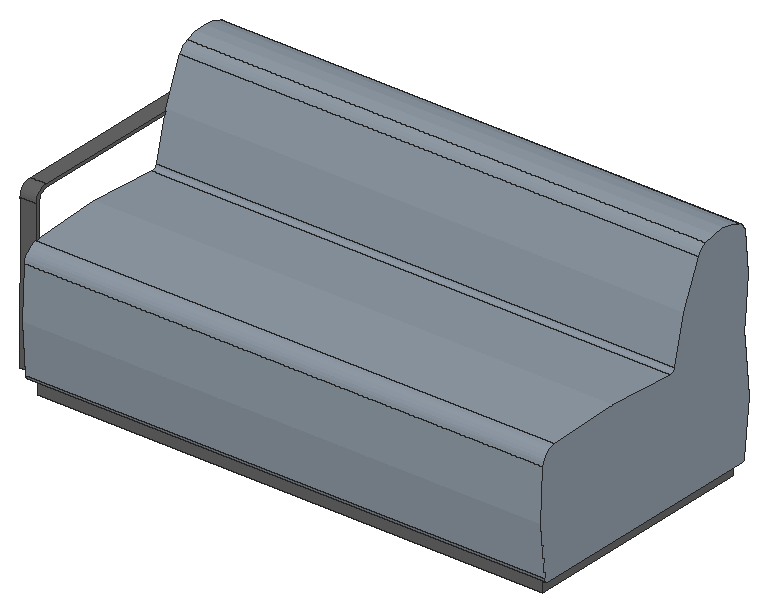
Revit family "FU_Modular_Sandler_Pau 1310TA", category Furniture, Revit 2022
Family settings
  OmniClass Number = 23.40.20.00
  OmniClass Title = General Furniture and Specialties
  Work Plane-Based = No
  Always vertical = Yes
  Cut with Voids When Loaded = No
  Render Appearance Source = Family Geometry
  Shared = No
  Room Calculation Point = No
Parameters (values of type "PAU 1310TA")
  Width = 1650 mm
  URL = "https://www.sandlerseating.com/product/pau1310/"
  Seat [instance] = Fabric - Gravity - Frozen CPC27
  Model = "PAU1310TA"
  Manufacturer = "Sandler"
  Height = 720 mm
  Description = "Upholstered modular seat with backrest and right steel armrest. Width 165cm / 65\"."
  Depth = 800 mm
  Default Elevation = 0 mm
  Base [instance] = Lacquer - W1 - B00 Black
Reference planes
  plane 1 "Center (Front/Back)": y = 0
  plane 2: z = 0
  plane 3 "Center (Left/Right)": x = 0
  plane 4 "Seat Right": x = -800
  plane 5 "Left": x = 800
  plane 6 "Back": y = 400
  plane 7 "Front": y = -400
  plane 8 "Height": z = 720
  plane 9 "Seat height": z = 420
  plane 10 "Base Right": x = -779
  plane 11 "Base Back": y = 366.687
  plane 12 "Base Left": x = 779
  plane 13 "Base Front": y = -366.901
  plane 14 "Base Top": z = 40
  plane 15 "Right": x = -850
Forms (mm)
  Extrusion 1, solid, material "Lacquer - W1 - B00 Black" <- "Base"
    sketch origin (0, 0, 0) x (1, 0, 0) y (0, 1, 0)
      loop
        line (-779, 366.687) -> (-779, -366.901) -> (779, -366.901) -> (779, 366.687) -> (-779, 366.687)
    from 0 to 40
  Extrusion 2, solid, material "Fabric - Gravity - Frozen CPC27" <- "Seat"
    sketch origin (0, 0, 0) x (0, 1, 0) y (0, 0, 1)
      loop
        arc (-347.109, 408.238) -> (-376.551, 394.157) -> (-391.033, 364.911) r 50
        arc (-391.033, 364.911) -> (-399.905, 208.642) -> (-386.679, 52.681) r 1108.576
        arc (-386.679, 52.681) -> (-381.612, 43.603) -> (-371.859, 40) r 15
        line (-371.859, 40) -> (374.029, 40)
        arc (374.029, 40) -> (380.395, 42.288) -> (383.848, 48.104) r 10
        arc (383.848, 48.104) -> (399.882, 210.98) -> (385.633, 374.022) r 884.51
        arc (385.633, 374.022) -> (383.344, 399.87) -> (385.795, 425.704) r 142.036
        arc (385.795, 425.704) -> (397.5, 553.207) -> (385.031, 680.637) r 678.162
        arc (385.031, 680.637) -> (378.627, 694.761) -> (366.547, 704.486) r 33.492
        arc (366.547, 704.486) -> (302.388, 719.935) -> (237.455, 708.154) r 159.868
        arc (237.455, 708.154) -> (220.834, 697.678) -> (208.813, 682.137) r 56.417
        arc (208.813, 682.137) -> (152.848, 552.661) -> (116.957, 416.25) r 936.801
        arc (116.957, 416.25) -> (111.022, 406.829) -> (100.228, 404.095) r 15
        arc (100.228, 404.095) -> (-123.313, 419.929) -> (-347.109, 408.238) r 1824.42
    from -800 to 800
  Extrusion 3, solid, material "Lacquer - W1 - B00 Black" <- "Base"
    sketch origin (-850, 0, 0) x (0, -1, 0) y (0, 0, 1)
      loop
        line (345.29, 40) -> (345.29, 509.244)
        arc (345.29, 509.244) -> (333.867, 536.821) -> (306.29, 548.244) r 39
        line (306.29, 548.244) -> (-357.073, 548.244) -> (-357.073, 538.209) -> (305.769, 538.209)
        arc (305.769, 538.209) -> (326.983, 529.422) -> (335.769, 508.209) r 30
        line (335.769, 508.209) -> (335.769, 40) -> (345.29, 40)
    from -50 to 0
Dimensions and locks
  equal spacing: plane 6 "Back", plane 1 "Center (Front/Back)", plane 7 "Front"
  "Depth": plane 6 "Back" to plane 7 "Front"
  "Height": plane 8 "Height" to level
  plane 9 "Seat height" to level = 420 mm
  locked: plane 6 "Back" to plane 11 "Base Back" at 33.313
  locked: plane 13 "Base Front" to plane 7 "Front" at 33.099
  plane 15 "Right" to plane 4 "Seat Right" to plane 10 "Base Right" = 50 mm locked, 21 mm locked
  "Width": plane 15 "Right" to plane 5 "Left"
  equal spacing: plane 10 "Base Right", plane 3 "Center (Left/Right)", plane 12 "Base Left"
  locked: plane 12 "Base Left" to plane 5 "Left" at 21
  aligned and locked: level to plane 2
  aligned and locked: Extrusion 1 sketch curve to plane 11 "Base Back"
  aligned and locked: Extrusion 1 sketch curve to plane 10 "Base Right"
  aligned and locked: Extrusion 1 sketch curve to plane 13 "Base Front"
  aligned and locked: Extrusion 1 sketch curve to plane 12 "Base Left"
  aligned and locked: plane 4 "Seat Right" to Extrusion 2
  aligned and locked: Extrusion 2 to plane 5 "Left"
  aligned and locked: Extrusion 3 to plane 4 "Seat Right"
  aligned and locked: plane 15 "Right" to Extrusion 3
Automatic sketch dimensions
  plane 14 "Base Top" to Extrusion 2 sketch curve = 0 mm
  Extrusion 2 sketch curve to plane 7 "Front" = 84.615 mm
  Extrusion 2 sketch curve to plane 13 "Base Front" = 4.958 mm
  plane 13 "Base Front" to Extrusion 2 sketch curve = 25.463 mm
  plane 13 "Base Front" to Extrusion 2 sketch curve = 86.242 mm
  plane 1 "Center (Front/Back)" to Extrusion 2 sketch curve = 140.209 mm
  Extrusion 2 sketch curve to plane 9 "Seat height" = 1.036 mm
  Extrusion 2 sketch curve to plane 1 "Center (Front/Back)" = 102.204 mm
  plane 11 "Base Back" to Extrusion 2 sketch curve = 107.92 mm
  plane 11 "Base Back" to Extrusion 2 sketch curve = 68.841 mm
  plane 11 "Base Back" to Extrusion 2 sketch curve = 14.533 mm
  Extrusion 2 sketch curve to plane 11 "Base Back" = 7.342 mm
  Extrusion 2 sketch curve to plane 9 "Seat height" = 20.575 mm
  plane 6 "Back" to Extrusion 2 sketch curve = 125.379 mm
  Extrusion 2 sketch curve to Extrusion 2 sketch curve = 183.184 mm
  Extrusion 2 sketch curve to Extrusion 2 sketch curve = 329.735 mm
  Extrusion 2 sketch curve to level = 1404.412 mm
  Extrusion 2 sketch curve to plane 14 "Base Top" = 10 mm
  Extrusion 2 sketch curve to plane 14 "Base Top" = 15 mm
  Extrusion 2 sketch curve to plane 14 "Base Top" = 175.825 mm
  Extrusion 2 sketch curve to plane 14 "Base Top" = 184.101 mm
  Extrusion 2 sketch curve to plane 9 "Seat height" = 173.236 mm
  Extrusion 2 sketch curve to plane 9 "Seat height" = 61.44 mm
  plane 9 "Seat height" to Extrusion 2 sketch curve = 131.174 mm
  plane 9 "Seat height" to Extrusion 2 sketch curve = 140.132 mm
  Extrusion 2 sketch curve to plane 8 "Height" = 64.082 mm
  Extrusion 2 sketch curve to plane 8 "Height" = 45.757 mm
  plane 7 "Front" to Extrusion 2 sketch curve = 8.967 mm
  Extrusion 2 sketch curve to Extrusion 2 sketch curve = 0 mm  (x10)
  plane 14 "Base Top" to Extrusion 3 sketch curve = 0 mm
  plane 11 "Base Back" to Extrusion 3 sketch curve = 9.614 mm
  plane 13 "Base Front" to Extrusion 3 sketch curve = 61.132 mm
  Extrusion 3 sketch curve to Extrusion 3 sketch curve = 0.521 mm
  plane 13 "Base Front" to Extrusion 3 sketch curve = 31.132 mm
  Extrusion 3 sketch curve to Extrusion 3 sketch curve = 9.521 mm
  plane 9 "Seat height" to Extrusion 3 sketch curve = 88.209 mm
  Extrusion 3 sketch curve to Extrusion 3 sketch curve = 1.035 mm
